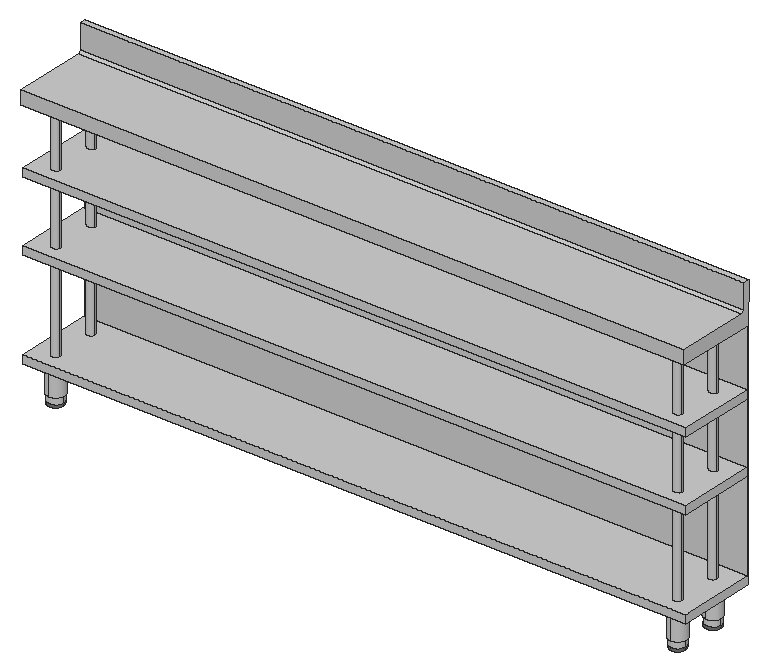
Revit family "QF_INFRICO_ME302500_250818111620", category Specialty Equipment, Revit 2021
Family settings
  Round Connector Dimension = Use Diameter
  Part Type = Normal
  OmniClass Number = 23.40.40.14
  OmniClass Title = Food Service Equipment
  Work Plane-Based = No
  Always vertical = Yes
  Cut with Voids When Loaded = No
  Shared = No
  Room Calculation Point = No
Parameters (values of type "ME302500")
  Weight [instance] = 72.00 kg
  Warranty Start Date [instance] = ""
  Warranty Duration [instance] = ""
  URL Recommended Spares List [instance] = ""
  URL Manufacturer [instance] = ""
  URL Cutsheet [instance] = ""
  URL Critical Spares List [instance] = ""
  URL = "www.infrico.com"
  Technical Documentation [instance] = ""
  Tag Number [instance] = ""
  Status [instance] = ""
  Specification by User [instance] = ""
  Specification by Manufacturer [instance] = ""
  Sound Level [instance] = ""
  Show Logo [instance] = yes
  Show Clearances [instance] = yes
  Service Life Duration [instance] = ""
  Serial Number [instance] = ""
  Seismic Rating [instance] = ""
  SMACNA No [instance] = ""
  Revision Code [instance] = ""
  Revision [instance] = ""
  Production Year [instance] = ""
  Point Load [instance] = 0
  Other Equipment Approvals [instance] = ""
  NAFEM Spec ID Number [instance] = ""
  Model Warning [instance] = ""
  Model = "ME302500"
  Masterspec [instance] = ""
  Manufacturer = "INFRICO"
  Length Actual [instance] = 2452 mm
  Item Number [instance] = ""
  Installed By [instance] = ""
  Installation Date [instance] = ""
  Identify Quantity as Lot [instance] = no
  ID [instance] = ""
  Hygiene Approval [instance] = ""
  Height Actual [instance] = 1050 mm
  Furnished By [instance] = ""
  Foodservice Equipment Identifier [instance] = no
  ETL Approved [instance] = no
  Description = "SHELF UNIT AND WORKING TABLE - ME SERIES"
  Depth Actual [instance] = 300 mm
  Default Elevation = 0 mm
  Cost = 0
  CSI MasterFormat [instance] = ""
  CE Approved [instance] = no
  Barcode [instance] = 0
  Author [instance] = ""
  Asset Identifier [instance] = ""
  Accessory [instance] = no
Reference planes
  plane 1 "Center (Front/Back)": y = 0
  plane 2: z = 0
  plane 3 "Center (Left/Right)": x = 0
Dimensions and locks
  aligned and locked: level to plane 2
Nested families
  nested 1: "QF_INFRICO_ME302500_2920" at (0, 0, 0), type "ME302500"
    with Weight 72.00 kg, Warranty Start Date "", Warranty Duration "", URL Cutsheet "", Technical Documentation "", Tag Number "", Status "", Specification by User "", Specification by Manufacturer "", Sound Level "", Solid Fuel Type "", Show Logo yes, Show Clearances yes, Show Clearance yes, Service Life Duration "", Serial Number "", Seismic Rating "", SMACNA No "", Revision Code "", Revision "", Production Year "", Point Load 0, Other Equipment Approvals "", NAFEM Spec ID Number "", Model Warning "", Masterspec "", Length Actual 2452 mm, Item Number "", Installed By "", Installation Date "", Identify Quantity as Lot yes, ID "", Hygiene Approval "", Height Actual 1050 mm, Furnished By "", Foodservice Equipment Identifier yes, ETL Approved yes, Depth Actual 300 mm, CSI MasterFormat "", CE Approved no, Barcode "", Author "", Asset Identifier "", Accessory no
  nested 2: "QF_INFRICO_WORKTOP_BACKSPLASH_3811" at (0, 0, 990), type "BKSP25_30"
    with Weight 0.00 kg, Warranty Start Date "", Warranty Duration "", URL Cutsheet "", Technical Documentation "", Tag Number "", Status "", Specification by User "", Specification by Manufacturer "", Sound Level "", Solid Fuel Type "", Show Logo yes, Show Clearances yes, Show Clearance yes, Service Life Duration "", Serial Number "", Seismic Rating "", SMACNA No "", Revision Code "", Revision "", Production Year "", Point Load 0, Other Equipment Approvals "", NAFEM Spec ID Number "", Model Warning "", Masterspec "", Length Actual 2452 mm, Item Number "", Installed By "", Installation Date "", Identify Quantity as Lot yes, ID "", Hygiene Approval "", Height Actual 150 mm, Furnished By "", Foodservice Equipment Identifier yes, ETL Approved yes, Depth Actual 300 mm, CSI MasterFormat "", CE Approved no, Barcode "", Author "", Asset Identifier "", Accessory yes
Definition of nested family "QF_INFRICO_ME302500_2920"
  Parameters (values of type "ME302500")
    Weight [instance] = 0.00 kg
    Warranty Start Date [instance] = ""
    Warranty Duration [instance] = ""
    URL Cutsheet [instance] = ""
    URL = "www.infrico.com"
    Technical Documentation [instance] = ""
    Tag Number [instance] = ""
    Status [instance] = ""
    Specification by User [instance] = ""
    Specification by Manufacturer [instance] = ""
    Sound Level [instance] = ""
    Solid Fuel Type [instance] = ""
    Show Logo [instance] = yes
    Show Clearances [instance] = yes
    Show Clearance [instance] = yes
    Service Life Duration [instance] = ""
    Serial Number [instance] = ""
    Seismic Rating [instance] = ""
    SMACNA No [instance] = ""
    Revision Code [instance] = ""
    Revision [instance] = ""
    Production Year [instance] = ""
    Point Load [instance] = 0
    Other Equipment Approvals [instance] = ""
    NAFEM Spec ID Number [instance] = ""
    Model Warning [instance] = ""
    Model = "ME302500"
    Masterspec [instance] = ""
    Manufacturer = "INFRICO"
    Length Actual [instance] = 0 mm
    Item Number [instance] = ""
    Installed By [instance] = ""
    Installation Date [instance] = ""
    Identify Quantity as Lot [instance] = yes
    ID [instance] = ""
    Hygiene Approval [instance] = ""
    Height Actual [instance] = 0 mm
    Furnished By [instance] = ""
    Foodservice Equipment Identifier [instance] = yes
    ETL Approved [instance] = yes
    Description = "SHELF UNIT AND WORKING TABLE - ME SERIES"
    Depth Actual [instance] = 0 mm
    Default Elevation = 0 mm
    CSI MasterFormat [instance] = ""
    CE Approved [instance] = yes
    Barcode [instance] = ""
    Author [instance] = ""
    Asset Identifier [instance] = ""
    Assembly Code = "E1090320"
    Accessory [instance] = yes
  Reference planes
    plane 1 "Back": y = 0
    plane 2: z = 0
    plane 3 "Left": x = 0
    plane 4 "Right": x = 2452
    plane 5 "Front": y = -300
    plane 6 "Top": z = 990
  Forms (mm)
    Extrusion 1, solid
      sketch origin (-1970.077, 409.342, 162.208) x (1, 0, 0) y (0, 1, 0)
        loop
          circle (2046.064, -477.342) r 15
      from -2.208 to 827.792
    Extrusion 2, solid
      sketch origin (-2000, 0, 130) x (0, 1, 0) y (0, 0, 1)
        loop
          line (0, 0) -> (0, 30) -> (-290, 30) -> (-290, 0) -> (0, 0)
      from 2000 to 4452
    Extrusion 3, solid
      sketch origin (329.936, 409.342, 162.208) x (1, 0, 0) y (0, 1, 0)
        loop
          circle (2046.064, -477.342) r 15
      from -2.208 to 827.792
    Extrusion 4, solid
      sketch origin (-1970.077, 246.342, 162.208) x (1, 0, 0) y (0, 1, 0)
        loop
          circle (2046.064, -477.342) r 15
      from -2.208 to 827.792
    Extrusion 5, solid
      sketch origin (329.936, 246.342, 162.208) x (1, 0, 0) y (0, 1, 0)
        loop
          circle (2046.064, -477.342) r 15
      from -2.208 to 827.792
    Extrusion 6, solid
      sketch origin (1144.499, 0, 130) x (0, 1, 0) y (0, 0, 1)
        loop
          line (0, 30) -> (0, 860) -> (-2, 860) -> (-2, 30) -> (0, 30)
      from -1144.499 to 1307.501
    Extrusion 7, solid
      sketch origin (-123.986, 349, 130) x (0, 1, 0) y (-1, 0, 0)
        loop
          line (-530, -154.986) -> (-630, -154.986) -> (-630, -244.986) -> (-530, -244.986) -> (-530, -154.986)
      from 0 to -3
    Extrusion 8, solid
      sketch origin (-123.986, 349, 0) x (1, 0, 0) y (0, 1, 0)
        loop
          circle (199.986, -580) r 28
      from 9 to 35
    Extrusion 9, solid
      sketch origin (-123.986, 349, 0) x (1, 0, 0) y (0, 1, 0)
        loop
          circle (199.986, -580) r 28.5
      from 0 to 9
    Sweep 10, solid
      path origin (-123.986, 349, 0) x (0, 1, 0) y (0, 0, 1)
        loop
          line (-580, 35) -> (-580, 127)
      profile origin (-123.986, -231, 81) x (0, -1, 0) y (1, 0, 0)
        loop
          circle (0, 199.986) r 32
    Extrusion 11, solid
      sketch origin (-123.986, 512, 130) x (0, 1, 0) y (-1, 0, 0)
        loop
          line (-530, -154.986) -> (-630, -154.986) -> (-630, -244.986) -> (-530, -244.986) -> (-530, -154.986)
      from 0 to -3
    Extrusion 12, solid
      sketch origin (-123.986, 512, 0) x (1, 0, 0) y (0, 1, 0)
        loop
          circle (199.986, -580) r 28
      from 9 to 35
    Extrusion 13, solid
      sketch origin (-123.986, 512, 0) x (1, 0, 0) y (0, 1, 0)
        loop
          circle (199.986, -580) r 28.5
      from 0 to 9
    Sweep 14, solid
      path origin (-123.986, 512, 0) x (0, 1, 0) y (0, 0, 1)
        loop
          line (-580, 35) -> (-580, 127)
      profile origin (-123.986, -68, 81) x (0, -1, 0) y (1, 0, 0)
        loop
          circle (0, 199.986) r 32
    Extrusion 15, solid
      sketch origin (2136.027, 349, 130) x (0, 1, 0) y (-1, 0, 0)
        loop
          line (-530, -194.986) -> (-630, -194.986) -> (-630, -284.986) -> (-530, -284.986) -> (-530, -194.986)
      from 0 to -3
    Extrusion 16, solid
      sketch origin (2136.027, 349, 0) x (1, 0, 0) y (0, 1, 0)
        loop
          circle (239.986, -580) r 28
      from 9 to 35
    Extrusion 17, solid
      sketch origin (2136.027, 349, 0) x (1, 0, 0) y (0, 1, 0)
        loop
          circle (239.986, -580) r 28.5
      from 0 to 9
    Sweep 18, solid
      path origin (2576.027, 349, 0) x (0, -1, 0) y (0, 0, 1)
        loop
          line (580, 35) -> (580, 127)
      profile origin (2576.027, -231, 81) x (0, 1, 0) y (-1, 0, 0)
        loop
          circle (0, 199.986) r 32
    Extrusion 19, solid
      sketch origin (2136.027, 512, 130) x (0, 1, 0) y (-1, 0, 0)
        loop
          line (-530, -194.986) -> (-630, -194.986) -> (-630, -284.986) -> (-530, -284.986) -> (-530, -194.986)
      from 0 to -3
    Extrusion 20, solid
      sketch origin (2136.027, 512, 0) x (1, 0, 0) y (0, 1, 0)
        loop
          circle (239.986, -580) r 28
      from 9 to 35
    Extrusion 21, solid
      sketch origin (2136.027, 512, 0) x (1, 0, 0) y (0, 1, 0)
        loop
          circle (239.986, -580) r 28.5
      from 0 to 9
    Sweep 22, solid
      path origin (2576.027, 12, 0) x (0, -1, 0) y (0, 0, 1)
        loop
          line (80, 35) -> (80, 127)
      profile origin (2576.027, -68, 81) x (0, 1, 0) y (-1, 0, 0)
        loop
          circle (0, 199.986) r 32
    Extrusion 23, solid
      sketch origin (-2000, 0, 490) x (0, 1, 0) y (0, 0, 1)
        loop
          line (0, 0) -> (0, 30) -> (-290, 30) -> (-290, 0) -> (0, 0)
      from 2000 to 4452
    Extrusion 24, solid
      sketch origin (-2000, 0, 748) x (0, 1, 0) y (0, 0, 1)
        loop
          line (0, 0) -> (0, 30) -> (-290, 30) -> (-290, 0) -> (0, 0)
      from 2000 to 4452
  Lines and regions (mm)
    symbolic lines
      curve 1: line (0, 0, 0) -> (0, -300, 0)
      curve 2: line (0, -300, 0) -> (2452, -300, 0)
      curve 3: line (2452, -300, 0) -> (2452, 0, 0)
      curve 4: line (2452, 0, 0) -> (0, 0, 0)
  Dimensions and locks
    plane 3 "Left" to plane 4 "Right" = 2452 mm
    plane 1 "Back" to plane 5 "Front" = 300 mm  (x2)
    plane 4 "Right" to plane 3 "Left" = 2452 mm
    plane 6 "Top" to level = 990 mm  (x2)
    aligned and locked: level to plane 2
Definition of nested family "QF_INFRICO_WORKTOP_BACKSPLASH_3811"
  Parameters (values of type "ENC12CPMC10")
    Weight [instance] = 0.00 kg
    Warranty Start Date [instance] = ""
    Warranty Duration [instance] = ""
    URL Cutsheet [instance] = ""
    URL = "www.infrico.com"
    Technical Documentation [instance] = ""
    Tag Number [instance] = ""
    Status [instance] = ""
    Specification by User [instance] = ""
    Specification by Manufacturer [instance] = ""
    Sound Level [instance] = ""
    Solid Fuel Type [instance] = ""
    Show Logo [instance] = yes
    Show Clearances [instance] = yes
    Show Clearance [instance] = yes
    Service Life Duration [instance] = ""
    Serial Number [instance] = ""
    Seismic Rating [instance] = ""
    SMACNA No [instance] = ""
    Revision Code [instance] = ""
    Revision [instance] = ""
    Production Year [instance] = ""
    Point Load [instance] = 0
    Other Equipment Approvals [instance] = ""
    NAFEM Spec ID Number [instance] = ""
    Model Warning [instance] = ""
    Model = "ENC12CPGN19"
    Masterspec [instance] = ""
    Manufacturer = "INFRICO"
    Length Actual [instance] = 0 mm
    Length = 1000 mm
    Item Number [instance] = ""
    Installed By [instance] = ""
    Installation Date [instance] = ""
    Identify Quantity as Lot [instance] = yes
    ID [instance] = ""
    Hygiene Approval [instance] = ""
    Height Actual [instance] = 0 mm
    Furnished By [instance] = ""
    Foodservice Equipment Identifier [instance] = yes
    ETL Approved [instance] = yes
    Description = "WORKTOP WITH BACKSPLASH"
    Depth Actual [instance] = 0 mm
    Depth = 600 mm
    Default Elevation = 0 mm
    CSI MasterFormat [instance] = ""
    CE Approved [instance] = yes
    Barcode [instance] = ""
    Author [instance] = ""
    Asset Identifier [instance] = ""
    Assembly Code = "E1090320"
    Accessory [instance] = yes
  Types (30, lengths in mm): name | Model | Length | Description | Depth
    ENC12CPGN19 | "ENC12CPGN19" | 1960 | "WORKTOP WITH BACKSPLASH" | 700
    ENC12CPGN14 | "ENC12CPGN14" | 1468 | "WORKTOP WITH BACKSPLASH" | 700
    ENC12CPGN24 | "ENC12CPGN24" | 2452 | "WORKTOP WITH BACKSPLASH" | 700
    ENC12CPGN14R | "ENC12CPGN14R" | 1160 | "WORKTOP WITH BACKSPLASH" | 700
    ENC12CPGN19R | "ENC12CPGN19R" | 1652 | "WORKTOP WITH BACKSPLASH" | 700
    ENC12CPGN24R | "ENC12CPGN24R" | 2144 | "WORKTOP WITH BACKSPLASH" | 700
    ENC12CPBM20 | "ENC12CPBM20" | 1960 | "WORKTOP WITH BACKSPLASH" | 600
    ENC12CPBM15 | "ENC12CPBM15" | 1468 | "WORKTOP WITH BACKSPLASH" | 600
    ENC12CPBM25 | "ENC12CPBM25" | 2452 | "WORKTOP WITH BACKSPLASH" | 600
    ENC12CPBM15R | "ENC12CPBM15R" | 1160 | "WORKTOP WITH BACKSPLASH" | 600
    ENC12CPBM20R | "ENC12CPBM20R" | 1652 | "WORKTOP WITH BACKSPLASH" | 600
    ENC12CPBM25R | "ENC12CPBM25R" | 2144 | "WORKTOP WITH BACKSPLASH" | 600
    ENC12CPME10 | "ENC12CPME10" | 978 | "WORKTOP WITH BACKSPLASH" | 700
    ENC12CPME14 | "ENC12CPME14" | 1460 | "WORKTOP WITH BACKSPLASH" | 700
    ENC12CPMC8 | "ENC12CPGN19" | 820 | "WORKTOP WITH BACKSPLASH" | 600
    ENC12CPMC10 | "ENC12CPGN19" | 1000 | "WORKTOP WITH BACKSPLASH" | 600
    ENC12CPMC15 | "ENC12CPGN19" | 1468 | "WORKTOP WITH BACKSPLASH" | 600
    BKSP10_30 | "BKSP10_30" | 1000 | "WORKTOP WITH BACKSPLASH 1000_300" | 300
    BKSP15_60 | "BKSP15_60" | 1468 | "WORKTOP WITH BACKSPLASH 1500_600" | 600
    BKSP15_30 | "BKSP15_30" | 1468 | "WORKTOP WITH BACKSPLASH 1500_300" | 300
    BKSP20_30 | "BKSP20_30" | 1960 | "WORKTOP WITH BACKSPLASH 2000_300" | 300
    BKSP20_60 | "BKSP20_60" | 1960 | "WORKTOP WITH BACKSPLASH 2000_600" | 600
    BKSP10_60 | "BKSP10_60" | 1000 | "WORKTOP WITH BACKSPLASH 1000_600" | 600
    BKSP10_70_MT | "BKSP10_70_MT" | 1000 | "WORKTOP WITH BACKSPLASH 1000_700" | 700
    BKSP15_60_MT | "BKSP15_60_MT" | 1500 | "WORKTOP WITH BACKSPLASH 1500_600" | 600
    BKSP15_70_MT | "BKSP15_70_MT" | 1500 | "WORKTOP WITH BACKSPLASH 1500_700" | 700
    BKSP20_60_MT | "BKSP20_60_MT" | 2000 | "WORKTOP WITH BACKSPLASH 2000_600" | 600
    BKSP20_70_MT | "BKSP20_70_MT" | 2000 | "WORKTOP WITH BACKSPLASH 2000_700" | 700
    BKSP25_30 | "BKSP25_30" | 2452 | "WORKTOP WITH BACKSPLASH 2500_300" | 300
    BKSP25_60 | "BKSP25_60" | 2452 | "WORKTOP WITH BACKSPLASH 2500_600" | 600
  Reference planes
    plane 1 "Back": y = 0
    plane 2: z = 0
    plane 3 "Left": x = 0
    plane 4 "Right": x = 1000
    plane 5 "Front": y = -600
    plane 6 "Top": z = 150.03
  Forms (mm)
    Extrusion 1, solid
      sketch origin (0, 0, -660) x (0, 1, 0) y (0, 0, 1)
        loop
          line (0, 660) -> (0, 810.03) -> (-20, 810.03) -> (-20, 720.071) -> (-30.071, 710) -> (-600, 710) -> (-600, 660) -> (0, 660)
      from 0 to 1000
  Lines and regions (mm)
    symbolic lines
      curve 1: line (0, -600, 0) -> (1000, -600, 0)
      curve 2: line (0, 0, 0) -> (0, -600, 0)
      curve 3: line (1000, -600, 0) -> (1000, 0, 0)
      curve 4: line (1000, 0, 0) -> (0, 0, 0)
      curve 5: line (0, -20, 0) -> (1000, -20, 0)
  Dimensions and locks
    plane 6 "Top" to level = 150.03 mm
    plane 4 "Right" to plane 3 "Left" = 1000 mm
    "Length": plane 3 "Left" to plane 4 "Right"
    "Depth": plane 5 "Front" to plane 1 "Back"
    aligned and locked: level to plane 2
    aligned and locked: Extrusion 1 to plane 4 "Right"
  Automatic sketch dimensions
    curve 1 to plane 3 "Left" = 0 mm
    plane 1 "Back" to curve 4 = 0 mm
    curve 4 to plane 4 "Right" = 0 mm
    curve 1 to plane 5 "Front" = 0 mm
    plane 1 "Back" to curve 5 = 20 mm
    Extrusion 1 sketch curve to level = 0 mm
    Extrusion 1 sketch curve to plane 5 "Front" = 0 mm
    Extrusion 1 sketch curve to plane 6 "Top" = 0 mm
    Extrusion 1 sketch curve to plane 1 "Back" = 0 mm
    plane 1 "Back" to Extrusion 1 sketch curve = 30.071 mm
    Extrusion 1 sketch curve to Extrusion 1 sketch curve = 10.071 mm  (x2)
    level to Extrusion 1 sketch curve = 50 mm
